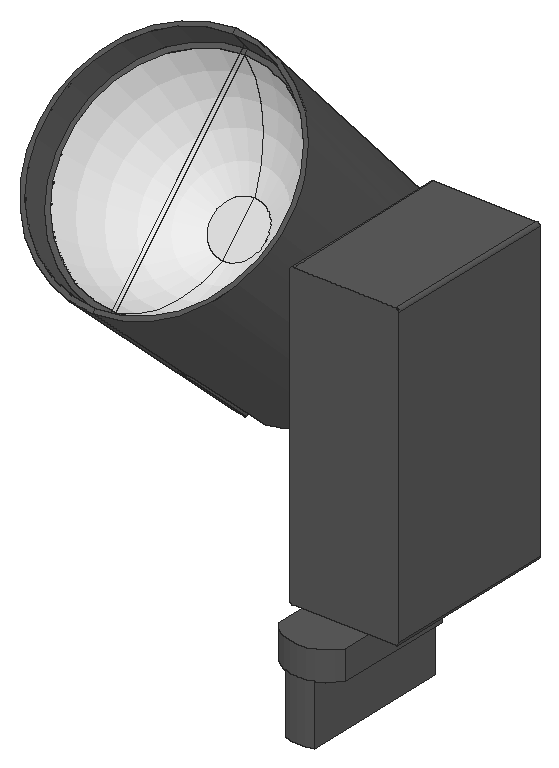
Revit family "0004954 Feilo Sylvania Lighting Fixture START TRACK SPOT L DALI 4824LM 940 WB BLK", category Lighting Fixtures, host Face, Revit 2017
Family settings
  Host = Face
  Round Connector Dimension = Use Diameter
  Part Type = Normal
  OmniClass Number = 23.80.70.00
  OmniClass Title = Lighting
  Cut with Voids When Loaded = No
  Light Source = No
  Shared = No
  Room Calculation Point = No
Parameters (values of type "0004954 START TRACK SPOT L DALI 4824LM 940 WB BLK")
  Weight = "1.398 kg"
  Wattage Comments = ""
  WarrantyStartDate [instance] = "n/a"
  WarrantyGuarantorParts = "n/a"
  WarrantyDurationUnit = "n/a"
  WarrantyDurationParts = "n/a"
  WarrantyDescription = "n/a"
  Voltage = 230 V
  URL = "http://www.sylvania-lighting.com/"
  TypeName = "START TRACK SPOT L DALI 4824LM 940 WB BLK"
  TypeHead_FEILO = Start Track Spot Head : 0004906 START TRACK SPOT L 55W 4K RA90 WB BLACK
  TypeBox_FEILO = Start Track Spot Box : Type Large Black
  Type Image = <None>
  Type Comments = "n/a"
  VerticalRotation_FEILO [instance] = 0.00°
  SlideEndAngle_FEILO [instance] = VerticalRotation_FEILO + 180.00°  # 180.00°
  SerialNumber [instance] = "n/a"
  Material_3_FEILO = none
  PowerFactor = 0.96
  PowerConsumption = "55 W"
  NominalLength = 0 mm
  NominalHeight = 240 mm
  NominalDepth = 164 mm
  Name = "START TRACK SPOT L DALI 4824LM 940 WB BLK"
  ModelReference = Name  # "START TRACK SPOT L DALI 4824LM 940 WB BLK"
  ModelNumber = "0004954"
  Model = Name  # "START TRACK SPOT L DALI 4824LM 940 WB BLK"
  Material = "adc12 aluminium housing, polycarbonate diffuser"
  ManufacturerName = "Feilo Sylvania"
  Manufacturer = "Feilo Sylvania"
  LuminousEfficacy = "88 lm/W"
  LuminaireType = ""
  LightOutputRatio = "100"
  LampsType = Lamp  # "LED"
  LampNominalLuminous = "4824 lm"
  LampMacAdamStep = "3"
  LampColourTemperature = "4000 K"
  LampColourRenderingIndex = "90"
  Lamp = "LED"
  Keynote = "16500"
  InstallationDate [instance] = "n/a"
  InputVoltage = "230-240V~"
  InputNominalFrequency = "50/60 Hz"
  IngressProtection = "IP20"
  ImpactProtectionIndex = "IK02"
  IfcExportType = "IfcLightFixtureType"
  IfcExportAs = "IfcLightFixtureType"
  HorizontalRotation_FEILO [instance] = 45.00°
  ExpectedLife = 50000
  ElectricShockClassification = "Class II"
  DurationUnit = "hours"
  DocumentationLiterature = "http://www.sylvania-lighting.com/product/en-int/products/0004906"
  DimmingControlOptions = "Dimmable"
  Material_2_FEILO = none
  Description = "Integrated LED spotlight, Textured Black - RAL9005, compact and minimalist design, ideal for retail applications, die-cast aluminium body, passive cooling heatsink. Beam angle: 52°, color temperature: 4000K , total system power: 55W, total fixture output: 4824 lm, LOR: 100%, colour rendering: Ra: 90 typical, LED Chromaticity: 3 step MacAdam ellipse, lifetime: >50000 hours at L70B50, energy class: A++, A+, A, IR/UV free light source without heat radiation, operating voltage: 220-240V / 50-60Hz, drive current: 1400mA, electronic driver, non-dimmable, power factor: 0.96, electrical protection: Class II, Global Track 3 Phase adapter suitable for Global trac 3-circuit tracks, ingress protection rating: IP20, suitable for internal environment only, horizontal rotation: 355°, vertical tilt: 90°, dimensions: Ø113x164x240, weight: 1.398kg."
  Default Elevation = 1219.2 mm
  CreatedOn = "04/26/2018"
  CreatedBy = ""
  Cost = 0
  built-in parameter 1114216 [instance] = (empty or 0)
  ClassificationValue = "EF_70_80"
  ClassificationName = "Uniclass2015"
  Material_1_FEILO = Body-Sylvania-StartTrackSpot-Black
  BarCode [instance] = "n/a"
  AssetType = "Fixed"
  AssetIdentifier [instance] = "n/a"
  Assembly Code = "D5020200"
  Apparent Load = 55 VA
  Material_4_FEILO = none
Reference planes
  plane 1 "Center (Front/Back)": y = 0
  plane 2: z = 0
  plane 3 "Center (Left/Right)": x = 0
  plane 4: x = 15
  plane 5: x = -15
  plane 6: y = 35
  plane 7: y = -35
  plane 8: z = 13
  plane 9: z = -27
  plane 10: x = 6.5
  plane 11: x = -6.5
  plane 12: y = 27
  plane 13: y = -27
  plane 14: y = 20
Forms (mm)
  Extrusion 1, solid, material "Body-Sylvania-StartTrackSpot-Black" <- "Material_1_FEILO"
    sketch origin (0, 0, 0) x (1, 0, 0) y (0, 1, 0)
      loop
        line (-15, 27) -> (-15, -27)
        arc (-15, -27) -> (0, -35) -> (15, -27) r 18.062
        line (15, -27) -> (15, 27)
        arc (15, 27) -> (0, 35) -> (-15, 27) r 18.062
    from 0 to 13
  Extrusion 2, solid, material "Body-Sylvania-StartTrackSpot-Black" <- "Material_1_FEILO"
    sketch origin (0, 0, 0) x (1, 0, 0) y (0, 1, 0)
      loop
        arc (6.5, 33.79) -> (0, 35) -> (-6.5, 33.79) r 18.062
        line (-6.5, 33.79) -> (-6.5, -33.79)
        arc (-6.5, -33.79) -> (0, -35) -> (6.5, -33.79) r 18.062
        line (6.5, -33.79) -> (6.5, 33.79)
    from 0 to -27
  Revolve 3, solid, not visible
    sketch origin (1524, 20, 1219.2) x (1, 0, 0) y (0, 0, 1)
      loop
        line (-1524, -1206.2) -> (-1524, -1191.285) -> (-1530.5, -1191.285) -> (-1530.5, -1206.2) -> (-1524, -1206.2)
      axis (-1524, -1191.285) -> (-1524, -1206.2)
    angle from 0 <- "VerticalRotation_FEILO" to 180 <- "SlideEndAngle_FEILO"
Cuts and joins
  joined: Extrusion 1, Extrusion 2
Dimensions and locks
  equal spacing: plane 10, plane 3 "Center (Left/Right)", plane 11
  equal spacing: plane 4, plane 3 "Center (Left/Right)", plane 5
  locked: plane 8 to plane 2 at 13
  locked: plane 8 to plane 9 at 40
  equal spacing: plane 13, plane 1 "Center (Front/Back)", plane 12
  locked: plane 12 to plane 6 at 8
  locked: plane 14 to plane 6 at 15
  locked: Revolve 3 sketch curve to plane 8 at 14.915
  aligned and locked: plane 2 to host face
  aligned and locked: level to host face
  aligned and locked: plane 5 to Extrusion 1 sketch curve  (x2)
  aligned and locked: plane 12 to Extrusion 1 sketch curve
  aligned and locked: plane 13 to Extrusion 1 sketch curve
  aligned and locked: plane 4 to Extrusion 1 sketch curve
  aligned and locked: Extrusion 1 to plane 8
  aligned and locked: Extrusion 1 to level
  aligned and locked: Extrusion 2 sketch curve to Extrusion 1  (x2)
  aligned and locked: Extrusion 2 sketch curve to plane 11
  aligned and locked: plane 10 to Extrusion 2 sketch curve
  aligned and locked: plane 9 to Extrusion 2
  aligned and locked: level to Extrusion 2
  aligned and locked: Revolve 3 sketch curve to plane 3 "Center (Left/Right)"  (x2)
  aligned and locked: plane 11 to Revolve 3 sketch curve
  aligned and locked: Revolve 3 sketch curve to plane 8
Automatic sketch dimensions
  host sketch curve to host sketch curve = 2438.4 mm  (x2)
  Extrusion 1 sketch curve to plane 3 "Center (Left/Right)" = 0 mm  (x2)
  Extrusion 1 sketch curve to plane 13 = 10.062 mm
  plane 12 to Extrusion 1 sketch curve = 10.062 mm
  Revolve 3 sketch curve to plane 3 "Center (Left/Right)" = 0 mm
  plane 9 to Revolve 3 sketch curve = 582.6 mm
  Revolve 3 sketch curve to Revolve 3 sketch curve = 2581.144 mm
Nested families
  nested 1: "Start Track Spot Head" at (-75.5, 20, 133) x (0, 0.7071, 0.7071) z (0, 0.7071, -0.7071), type <- "TypeHead_FEILO", type "0004906 START TRACK SPOT L 55W 4K RA90 WB BLACK"
    with built-in parameter 1114216 (empty or 0)
  nested 2: "Start Track Spot Box" at (8.5, 20, 85) x (-1, 0, 0) z (0, -1, 0), BoxStartAngle_FEILO <- "HorizontalRotation_FEILO", type <- "TypeBox_FEILO", type "Type Large Black"
    with BoxStartAngle_FEILO 45.00°, BoxEndAngle_FEILO -135.00°
Connectors
  electrical at (0, 0, 0), driven by "Apparent Load", driven by "PowerFactor", driven by "Voltage"
    settings: index 1, voltage 230 V, apparent load 55 VA, apparent load phase1 0 VA, apparent load phase2 0 VA, apparent load phase3 0 VA, power factor 0.96, load classification "Lighting", number of poles 1, system type 30, power factor state 1, is connector primary yes, connector utility no, sub classification motor no, connector description ""
Definition of nested family "Start Track Spot Head"
  Parameters (values of type "0004811 START TRACK SPOT S 14W 3K RA80 NB WHITE")
    Wattage Comments = "n/a"
    Wattage = 14 W
    built-in parameter 1150110 = 1 (stored number, unit not read)
    URL = "http://www.feilosylvania.com"
    Type Image = (empty or 0)
    Type Comments = "n/a"
    built-in parameter 1114217 = 1 (stored number, unit not read)
    Tilt Angle = -90.00°
    built-in parameter 1150109 = 1 (stored number, unit not read)
    built-in parameter 1150134 = (empty or 0)
    built-in parameter 1150113 = 1 (stored number, unit not read)
    Photometric Web File = "0004811.ies"
    Material_3_FEILO = none
    Model = "START TRACK SPOT S 14W 3K RA80 NB WHITE"
    Manufacturer = "Feilo Sylvania"
    built-in parameter 1150105 = 123.66 (stored number, unit not read)
    Lumens = 1554 lm
    built-in parameter 1150115 = 1 (stored number, unit not read)
    built-in parameter 1150137 = (empty or 0)
    built-in parameter 1150139 = (empty or 0)
    built-in parameter 1150112 = 1 (stored number, unit not read)
    built-in parameter 1150114 = 1 (stored number, unit not read)
    Lamp = "LED"
    Keynote = "16500"
    Material_2_FEILO = none
    built-in parameter 1150132 = (empty or 0)
    built-in parameter 1150102 = (empty or 0)
    built-in parameter 1150107 = 3000 (stored number, unit not read)
    built-in parameter 1150138 = (empty or 0)
    built-in parameter 1150106 = 1.2366 (stored number, unit not read)
    HeadThickness_FEILO = if(HeadDiaOut_FEILO > 112 mm, 2 mm, 1.5 mm)  # 1.5 mm
    HeadRibOffset_FEILO = HeadHeight_FEILO / 28  # 4.179 mm
    HeadRibDepth_FEILO = HeadHeight_FEILO / 2.1  # 55.714 mm
    HeadRibCutWidth_FEILO = HeadDiaOut_FEILO / 12  # 7.167 mm
    HeadRibCutOffset_FEILO = HeadHeight_FEILO / 2.3  # 50.87 mm
    HeadReflectorRadius_FEILO = HeadDiaOut_FEILO / 1.7  # 50.588 mm
    HeadReflectorOffset_FEILO = HeadHeight_FEILO / 2.1  # 55.714 mm
    HeadLEDRadius_FEILO = HeadDiaOut_FEILO / 9  # 9.556 mm
    HeadHeight_FEILO = 117 mm
    HeadDraft_FEILO = 1 mm
    HeadDiffusorThickness_FEILO = 3 mm
    HeadDiffusorOffset_FEILO = HeadHeight_FEILO / 12.4  # 9.435 mm
    HeadDiaOut_FEILO = 86 mm
    HeadDiaIn_FEILO = HeadDiaOut_FEILO / 1.11  # 77.477 mm
    HeadAxisFromTop_FEILO = HeadHeight_FEILO / 1.687  # 69.354 mm
    Emit from Circle Diameter = HeadDiaIn_FEILO  # 77.477 mm
    Emit Shape Visible in Rendering = no
    built-in parameter 1150104 = 10.312 (stored number, unit not read)
    Dimming Lamp Color Temperature Shift = (empty or 0)
    Description = "Integrated LED spotlight, Textured White - RAL9016, compact and minimalist design, ideal for retail applications, die-cast aluminium body, passive cooling heatsink. Beam angle: 12°, color temperature: 3000K , total system power: 14W, total fixture output: 1551 lm, LOR: 100%, colour rendering: Ra: 80 typical, LED Chromaticity: 3 step MacAdam ellipse, lifetime: >50000 hours at L70B50, energy class: A++, A+, A, IR/UV free light source without heat radiation, operating voltage: 220-240V / 50-60Hz, drive current: 350mA, electronic driver, non-dimmable, power factor: 0.92, electrical protection: Class II, Global Track 3 Phase adapter suitable for Global trac 3-circuit tracks, ingress protection rating: IP20, suitable for internal environment only, horizontal rotation: 355°, vertical tilt: 90°, dimensions: Ø86x140x200, weight: 0.940kg."
    Default Elevation = 1219.2 mm
    Cost = 0
    Color Filter = 16777215
    built-in parameter 1114216 [instance] = (empty or 0)
    Material_1_FEILO = none
    built-in parameter 1114218 = 1 (stored number, unit not read)
    built-in parameter 1150133 = 10 (stored number, unit not read)
    Assembly Code = "D5020200"
    Apparent Load = 14 VA
    Material_4_FEILO = none
  Types (96, lengths in mm): name | Wattage | built-in parameter 1150134 | Photometric Web File | Model | built-in parameter 1150105 | Lumens | built-in parameter 1150107 | built-in parameter 1150106 | HeadThickness_FEILO | HeadRibOffset_FEILO | HeadRibDepth_FEILO | HeadRibCutWidth_FEILO | HeadRibCutOffset_FEILO | HeadReflectorRadius_FEILO | HeadReflectorOffset_FEILO | HeadLEDRadius_FEILO | HeadHeight_FEILO | HeadDiffusorOffset_FEILO | HeadDiaOut_FEILO | HeadDiaIn_FEILO | HeadAxisFromTop_FEILO | Emit from Circle Diameter | built-in parameter 1150104 | Description | Apparent Load
    0004906 START TRACK SPOT L 55W 4K RA90 WB BLACK | 55 W | 12 | "0004906.ies" | "START TRACK SPOT L 55W 4K RA90 WB BLACK" | 385.15 (stored number, unit not read) | 4840 lm | 4000 (stored number, unit not read) | 3.8515 (stored number, unit not read) | 2 | 4.429 | 59.048 | 9.417 | 53.913 | 66.471 | 59.048 | 12.556 | 124 | 10 | 113 | 101.802 | 73.503 | 101.802 | 8.1755 (stored number, unit not read) | "Integrated LED spotlight, Textured Black - RAL9005, compact and minimalist design, ideal for retail applications, die-cast aluminium body, passive cooling heatsink. Beam angle: 52°, color temperature: 4000K , total system power: 55W, total fixture output: 4824 lm, LOR: 100%, colour rendering: Ra: 90 typical, LED Chromaticity: 3 step MacAdam ellipse, lifetime: >50000 hours at L70B50, energy class: A++, A+, A, IR/UV free light source without heat radiation, operating voltage: 220-240V / 50-60Hz, drive current: 1400mA, electronic driver, non-dimmable, power factor: 0.96, electrical protection: Class II, Global Track 3 Phase adapter suitable for Global trac 3-circuit tracks, ingress protection rating: IP20, suitable for internal environment only, horizontal rotation: 355°, vertical tilt: 90°, dimensions: Ø113x164x240, weight: 1.398kg." | 55 VA
    0004905 START TRACK SPOT L 55W 4K RA90 MB BLACK | 55 W | 12 | "0004905.ies" | "START TRACK SPOT L 55W 4K RA90 MB BLACK" | 389.53 (stored number, unit not read) | 4895 lm | 4000 (stored number, unit not read) | 3.8953 (stored number, unit not read) | 2 | 4.429 | 59.048 | 9.417 | 53.913 | 66.471 | 59.048 | 12.556 | 124 | 10 | 113 | 101.802 | 73.503 | 101.802 | 8.2684 (stored number, unit not read) | "Integrated LED spotlight, Textured Black - RAL9005, compact and minimalist design, ideal for retail applications, die-cast aluminium body, passive cooling heatsink. Beam angle: 38°, color temperature: 4000K , total system power: 55W, total fixture output: 4897 lm, LOR: 100%, colour rendering: Ra: 90 typical, LED Chromaticity: 3 step MacAdam ellipse, lifetime: >50000 hours at L70B50, energy class: A++, A+, A, IR/UV free light source without heat radiation, operating voltage: 220-240V / 50-60Hz, drive current: 1400mA, electronic driver, non-dimmable, power factor: 0.96, electrical protection: Class II, Global Track 3 Phase adapter suitable for Global trac 3-circuit tracks, ingress protection rating: IP20, suitable for internal environment only, horizontal rotation: 355°, vertical tilt: 90°, dimensions: Ø113x164x240, weight: 1.398kg." | 55 VA
    0004904 START TRACK SPOT L 55W 4K RA90 NB BLACK | 55 W | 12 | "0004904.ies" | "START TRACK SPOT L 55W 4K RA90 NB BLACK" | 393.91 (stored number, unit not read) | 4950 lm | 4000 (stored number, unit not read) | 3.9391 (stored number, unit not read) | 2 | 4.429 | 59.048 | 9.417 | 53.913 | 66.471 | 59.048 | 12.556 | 124 | 10 | 113 | 101.802 | 73.503 | 101.802 | 8.3613 (stored number, unit not read) | "Integrated LED spotlight, Textured Black - RAL9005, compact and minimalist design, ideal for retail applications, die-cast aluminium body, passive cooling heatsink. Beam angle: 15°, color temperature: 4000K , total system power: 55W, total fixture output: 4965 lm, LOR: 100%, colour rendering: Ra: 90 typical, LED Chromaticity: 3 step MacAdam ellipse, lifetime: >50000 hours at L70B50, energy class: A++, A+, A, IR/UV free light source without heat radiation, operating voltage: 220-240V / 50-60Hz, drive current: 1400mA, electronic driver, non-dimmable, power factor: 0.96, electrical protection: Class II, Global Track 3 Phase adapter suitable for Global trac 3-circuit tracks, ingress protection rating: IP20, suitable for internal environment only, horizontal rotation: 355°, vertical tilt: 90°, dimensions: Ø113x164x240, weight: 1.398kg." | 55 VA
    0004903 START TRACK SPOT L 35W 4K RA90 WB BLACK | 35 W | 12 | "0004903.ies" | "START TRACK SPOT L 35W 4K RA90 WB BLACK" | 284.09 (stored number, unit not read) | 3570 lm | 4000 (stored number, unit not read) | 2.8409 (stored number, unit not read) | 2 | 4.429 | 59.048 | 9.417 | 53.913 | 66.471 | 59.048 | 12.556 | 124 | 10 | 113 | 101.802 | 73.503 | 101.802 | 9.4761 (stored number, unit not read) | "Integrated LED spotlight, Textured Black - RAL9005, compact and minimalist design, ideal for retail applications, die-cast aluminium body, passive cooling heatsink. Beam angle: 52°, color temperature: 4000K , total system power: 35W, total fixture output: 3562 lm, LOR: 100%, colour rendering: Ra: 90 typical, LED Chromaticity: 3 step MacAdam ellipse, lifetime: >50000 hours at L70B50, energy class: A++, A+, A, IR/UV free light source without heat radiation, operating voltage: 220-240V / 50-60Hz, drive current: 900mA, electronic driver, non-dimmable, power factor: 0.93, electrical protection: Class II, Global Track 3 Phase adapter suitable for Global trac 3-circuit tracks, ingress protection rating: IP20, suitable for internal environment only, horizontal rotation: 355°, vertical tilt: 90°, dimensions: Ø113x164x240, weight: 1.368kg." | 35 VA
    0004902 START TRACK SPOT L 35W 4K RA90 MB BLACK | 35 W | 12 | "0004902.ies" | "START TRACK SPOT L 35W 4K RA90 MB BLACK" | 286.88 (stored number, unit not read) | 3605 lm | 4000 (stored number, unit not read) | 2.8688 (stored number, unit not read) | 2 | 4.429 | 59.048 | 9.417 | 53.913 | 66.471 | 59.048 | 12.556 | 124 | 10 | 113 | 101.802 | 73.503 | 101.802 | 9.569 (stored number, unit not read) | "Integrated LED spotlight, Textured Black - RAL9005, compact and minimalist design, ideal for retail applications, die-cast aluminium body, passive cooling heatsink. Beam angle: 38°, color temperature: 4000K , total system power: 35W, total fixture output: 3616 lm, LOR: 100%, colour rendering: Ra: 90 typical, LED Chromaticity: 3 step MacAdam ellipse, lifetime: >50000 hours at L70B50, energy class: A++, A+, A, IR/UV free light source without heat radiation, operating voltage: 220-240V / 50-60Hz, drive current: 900mA, electronic driver, non-dimmable, power factor: 0.93, electrical protection: Class II, Global Track 3 Phase adapter suitable for Global trac 3-circuit tracks, ingress protection rating: IP20, suitable for internal environment only, horizontal rotation: 355°, vertical tilt: 90°, dimensions: Ø113x164x240, weight: 1.368kg." | 35 VA
    0004901 START TRACK SPOT L 35W 4K RA90 NB BLACK | 35 W | 12 | "0004901.ies" | "START TRACK SPOT L 35W 4K RA90 NB BLACK" | 286.88 (stored number, unit not read) | 3605 lm | 4000 (stored number, unit not read) | 2.8688 (stored number, unit not read) | 2 | 4.429 | 59.048 | 9.417 | 53.913 | 66.471 | 59.048 | 12.556 | 124 | 10 | 113 | 101.802 | 73.503 | 101.802 | 9.569 (stored number, unit not read) | "Integrated LED spotlight, Textured Black - RAL9005, compact and minimalist design, ideal for retail applications, die-cast aluminium body, passive cooling heatsink. Beam angle: 15°, color temperature: 4000K , total system power: 35W, total fixture output: 3593 lm, LOR: 100%, colour rendering: Ra: 90 typical, LED Chromaticity: 3 step MacAdam ellipse, lifetime: >50000 hours at L70B50, energy class: A++, A+, A, IR/UV free light source without heat radiation, operating voltage: 220-240V / 50-60Hz, drive current: 900mA, electronic driver, non-dimmable, power factor: 0.93, electrical protection: Class II, Global Track 3 Phase adapter suitable for Global trac 3-circuit tracks, ingress protection rating: IP20, suitable for internal environment only, horizontal rotation: 355°, vertical tilt: 90°, dimensions: Ø113x164x240, weight: 1.368kg." | 35 VA
    0004900 START TRACK SPOT S 24W 4K RA90 WB BLACK | 24 W | 12 | "0004900.ies" | "START TRACK SPOT S 24W 4K RA90 WB BLACK" | 166.16 (stored number, unit not read) | 2088 lm | 4000 (stored number, unit not read) | 1.6616 (stored number, unit not read) | 1.5 | 4.179 | 55.714 | 7.167 | 50.87 | 50.588 | 55.714 | 9.556 | 117 | 9.435 | 86 | 77.477 | 69.354 | 77.477 | 8.0826 (stored number, unit not read) | "Integrated LED spotlight, Textured Black - RAL9005, compact and minimalist design, ideal for retail applications, die-cast aluminium body, passive cooling heatsink. Beam angle: 64°, color temperature: 4000K , total system power: 24W, total fixture output: 2087 lm, LOR: 100%, colour rendering: Ra: 90 typical, LED Chromaticity: 3 step MacAdam ellipse, lifetime: >50000 hours at L70B50, energy class: A++, A+, A, IR/UV free light source without heat radiation, operating voltage: 220-240V / 50-60Hz, drive current: 600mA, electronic driver, non-dimmable, power factor: 0.95, electrical protection: Class II, Global Track 3 Phase adapter suitable for Global trac 3-circuit tracks, ingress protection rating: IP20, suitable for internal environment only, horizontal rotation: 355°, vertical tilt: 90°, dimensions: Ø86x140x200, weight: 0.966kg." | 24 VA
    0004899 START TRACK SPOT S 24W 4K RA90 MB BLACK | 24 W | 12 | "0004899.ies" | "START TRACK SPOT S 24W 4K RA90 MB BLACK" | 169.98 (stored number, unit not read) | 2136 lm | 4000 (stored number, unit not read) | 1.6998 (stored number, unit not read) | 1.5 | 4.179 | 55.714 | 7.167 | 50.87 | 50.588 | 55.714 | 9.556 | 117 | 9.435 | 86 | 77.477 | 69.354 | 77.477 | 8.2684 (stored number, unit not read) | "Integrated LED spotlight, Textured Black - RAL9005, compact and minimalist design, ideal for retail applications, die-cast aluminium body, passive cooling heatsink. Beam angle: 36°, color temperature: 4000K , total system power: 24W, total fixture output: 2141 lm, LOR: 100%, colour rendering: Ra: 90 typical, LED Chromaticity: 3 step MacAdam ellipse, lifetime: >50000 hours at L70B50, energy class: A++, A+, A, IR/UV free light source without heat radiation, operating voltage: 220-240V / 50-60Hz, drive current: 600mA, electronic driver, non-dimmable, power factor: 0.95, electrical protection: Class II, Global Track 3 Phase adapter suitable for Global trac 3-circuit tracks, ingress protection rating: IP20, suitable for internal environment only, horizontal rotation: 355°, vertical tilt: 90°, dimensions: Ø86x140x200, weight: 0.966kg." | 24 VA
    0004898 START TRACK SPOT S 24W 4K RA90 NB BLACK | 24 W | 12 | "0004898.ies" | "START TRACK SPOT S 24W 4K RA90 NB BLACK" | 171.89 (stored number, unit not read) | 2160 lm | 4000 (stored number, unit not read) | 1.7189 (stored number, unit not read) | 1.5 | 4.179 | 55.714 | 7.167 | 50.87 | 50.588 | 55.714 | 9.556 | 117 | 9.435 | 86 | 77.477 | 69.354 | 77.477 | 8.3613 (stored number, unit not read) | "Integrated LED spotlight, Textured Black - RAL9005, compact and minimalist design, ideal for retail applications, die-cast aluminium body, passive cooling heatsink. Beam angle: 12°, color temperature: 4000K , total system power: 24W, total fixture output: 2155 lm, LOR: 100%, colour rendering: Ra: 90 typical, LED Chromaticity: 3 step MacAdam ellipse, lifetime: >50000 hours at L70B50, energy class: A++, A+, A, IR/UV free light source without heat radiation, operating voltage: 220-240V / 50-60Hz, drive current: 600mA, electronic driver, non-dimmable, power factor: 0.95, electrical protection: Class II, Global Track 3 Phase adapter suitable for Global trac 3-circuit tracks, ingress protection rating: IP20, suitable for internal environment only, horizontal rotation: 355°, vertical tilt: 90°, dimensions: Ø86x140x200, weight: 0.966kg." | 24 VA
    0004897 START TRACK SPOT S 14W 4K RA90 WB BLACK | 14 W | 12 | "0004897.ies" | "START TRACK SPOT S 14W 4K RA90 WB BLACK" | 108.07 (stored number, unit not read) | 1358 lm | 4000 (stored number, unit not read) | 1.0807 (stored number, unit not read) | 1.5 | 4.179 | 55.714 | 7.167 | 50.87 | 50.588 | 55.714 | 9.556 | 117 | 9.435 | 86 | 77.477 | 69.354 | 77.477 | 9.0116 (stored number, unit not read) | "Integrated LED spotlight, Textured Black - RAL9005, compact and minimalist design, ideal for retail applications, die-cast aluminium body, passive cooling heatsink. Beam angle: 64°, color temperature: 4000K , total system power: 14W, total fixture output: 1352 lm, LOR: 100%, colour rendering: Ra: 90 typical, LED Chromaticity: 3 step MacAdam ellipse, lifetime: >50000 hours at L70B50, energy class: A++, A+, A, IR/UV free light source without heat radiation, operating voltage: 220-240V / 50-60Hz, drive current: 350mA, electronic driver, non-dimmable, power factor: 0.92, electrical protection: Class II, Global Track 3 Phase adapter suitable for Global trac 3-circuit tracks, ingress protection rating: IP20, suitable for internal environment only, horizontal rotation: 355°, vertical tilt: 90°, dimensions: Ø86x140x200, weight: 0.940kg." | 14 VA
    0004896 START TRACK SPOT S 14W 4K RA90 MB BLACK | 14 W | 12 | "0004896.ies" | "START TRACK SPOT S 14W 4K RA90 MB BLACK" | 108.07 (stored number, unit not read) | 1358 lm | 4000 (stored number, unit not read) | 1.0807 (stored number, unit not read) | 1.5 | 4.179 | 55.714 | 7.167 | 50.87 | 50.588 | 55.714 | 9.556 | 117 | 9.435 | 86 | 77.477 | 69.354 | 77.477 | 9.0116 (stored number, unit not read) | "Integrated LED spotlight, Textured Black - RAL9005, compact and minimalist design, ideal for retail applications, die-cast aluminium body, passive cooling heatsink. Beam angle: 36°, color temperature: 4000K , total system power: 14W, total fixture output: 1359 lm, LOR: 100%, colour rendering: Ra: 90 typical, LED Chromaticity: 3 step MacAdam ellipse, lifetime: >50000 hours at L70B50, energy class: A++, A+, A, IR/UV free light source without heat radiation, operating voltage: 220-240V / 50-60Hz, drive current: 350mA, electronic driver, non-dimmable, power factor: 0.92, electrical protection: Class II, Global Track 3 Phase adapter suitable for Global trac 3-circuit tracks, ingress protection rating: IP20, suitable for internal environment only, horizontal rotation: 355°, vertical tilt: 90°, dimensions: Ø86x140x200, weight: 0.940kg." | 14 VA
    0004895 START TRACK SPOT S 14W 4K RA90 NB BLACK | 14 W | 12 | "0004895.ies" | "START TRACK SPOT S 14W 4K RA90 NB BLACK" | 106.95 (stored number, unit not read) | 1344 lm | 4000 (stored number, unit not read) | 1.0695 (stored number, unit not read) | 1.5 | 4.179 | 55.714 | 7.167 | 50.87 | 50.588 | 55.714 | 9.556 | 117 | 9.435 | 86 | 77.477 | 69.354 | 77.477 | 8.9187 (stored number, unit not read) | "Integrated LED spotlight, Textured Black - RAL9005, compact and minimalist design, ideal for retail applications, die-cast aluminium body, passive cooling heatsink. Beam angle: 12°, color temperature: 4000K , total system power: 14W, total fixture output: 1349 lm, LOR: 100%, colour rendering: Ra: 90 typical, LED Chromaticity: 3 step MacAdam ellipse, lifetime: >50000 hours at L70B50, energy class: A++, A+, A, IR/UV free light source without heat radiation, operating voltage: 220-240V / 50-60Hz, drive current: 350mA, electronic driver, non-dimmable, power factor: 0.92, electrical protection: Class II, Global Track 3 Phase adapter suitable for Global trac 3-circuit tracks, ingress protection rating: IP20, suitable for internal environment only, horizontal rotation: 355°, vertical tilt: 90°, dimensions: Ø86x140x200, weight: 0.940kg." | 14 VA
    0004894 START TRACK SPOT L 55W 3K RA90 WB BLACK | 55 W | (empty or 0) | "0004894.ies" | "START TRACK SPOT L 55W 3K RA90 WB BLACK" | 350.14 (stored number, unit not read) | 4400 lm | 3000 (stored number, unit not read) | 3.5014 (stored number, unit not read) | 2 | 4.429 | 59.048 | 9.417 | 53.913 | 66.471 | 59.048 | 12.556 | 124 | 10 | 113 | 101.802 | 73.503 | 101.802 | 7.4322 (stored number, unit not read) | "Integrated LED spotlight, Textured Black - RAL9005, compact and minimalist design, ideal for retail applications, die-cast aluminium body, passive cooling heatsink. Beam angle: 52°, color temperature: 3000K , total system power: 55W, total fixture output: 4405 lm, LOR: 100%, colour rendering: Ra: 90 typical, LED Chromaticity: 3 step MacAdam ellipse, lifetime: >50000 hours at L70B50, energy class: A++, A+, A, IR/UV free light source without heat radiation, operating voltage: 220-240V / 50-60Hz, drive current: 1400mA, electronic driver, non-dimmable, power factor: 0.96, electrical protection: Class II, Global Track 3 Phase adapter suitable for Global trac 3-circuit tracks, ingress protection rating: IP20, suitable for internal environment only, horizontal rotation: 355°, vertical tilt: 90°, dimensions: Ø113x164x240, weight: 1.398kg." | 55 VA
    0004893 START TRACK SPOT L 55W 3K RA90 MB BLACK | 55 W | (empty or 0) | "0004893.ies" | "START TRACK SPOT L 55W 3K RA90 MB BLACK" | 354.52 (stored number, unit not read) | 4455 lm | 3000 (stored number, unit not read) | 3.5452 (stored number, unit not read) | 2 | 4.429 | 59.048 | 9.417 | 53.913 | 66.471 | 59.048 | 12.556 | 124 | 10 | 113 | 101.802 | 73.503 | 101.802 | 7.5251 (stored number, unit not read) | "Integrated LED spotlight, Textured Black - RAL9005, compact and minimalist design, ideal for retail applications, die-cast aluminium body, passive cooling heatsink. Beam angle: 38°, color temperature: 3000K , total system power: 55W, total fixture output: 4448 lm, LOR: 100%, colour rendering: Ra: 90 typical, LED Chromaticity: 3 step MacAdam ellipse, lifetime: >50000 hours at L70B50, energy class: A++, A+, A, IR/UV free light source without heat radiation, operating voltage: 220-240V / 50-60Hz, drive current: 1400mA, electronic driver, non-dimmable, power factor: 0.96, electrical protection: Class II, Global Track 3 Phase adapter suitable for Global trac 3-circuit tracks, ingress protection rating: IP20, suitable for internal environment only, horizontal rotation: 355°, vertical tilt: 90°, dimensions: Ø113x164x240, weight: 1.398kg." | 55 VA
    0004892 START TRACK SPOT L 55W 3K RA90 NB BLACK | 55 W | (empty or 0) | "0004892.ies" | "START TRACK SPOT L 55W 3K RA90 NB BLACK" | 350.14 (stored number, unit not read) | 4400 lm | 3000 (stored number, unit not read) | 3.5014 (stored number, unit not read) | 2 | 4.429 | 59.048 | 9.417 | 53.913 | 66.471 | 59.048 | 12.556 | 124 | 10 | 113 | 101.802 | 73.503 | 101.802 | 7.4322 (stored number, unit not read) | "Integrated LED spotlight, Textured Black - RAL9005, compact and minimalist design, ideal for retail applications, die-cast aluminium body, passive cooling heatsink. Beam angle: 15°, color temperature: 3000K , total system power: 55W, total fixture output: 4416 lm, LOR: 100%, colour rendering: Ra: 90 typical, LED Chromaticity: 3 step MacAdam ellipse, lifetime: >50000 hours at L70B50, energy class: A++, A+, A, IR/UV free light source without heat radiation, operating voltage: 220-240V / 50-60Hz, drive current: 1400mA, electronic driver, non-dimmable, power factor: 0.96, electrical protection: Class II, Global Track 3 Phase adapter suitable for Global trac 3-circuit tracks, ingress protection rating: IP20, suitable for internal environment only, horizontal rotation: 355°, vertical tilt: 90°, dimensions: Ø113x164x240, weight: 1.398kg." | 55 VA
    0004891 START TRACK SPOT L 35W 3K RA90 WB BLACK | 35 W | (empty or 0) | "0004891.ies" | "START TRACK SPOT L 35W 3K RA90 WB BLACK" | 259.02 (stored number, unit not read) | 3255 lm | 3000 (stored number, unit not read) | 2.5902 (stored number, unit not read) | 2 | 4.429 | 59.048 | 9.417 | 53.913 | 66.471 | 59.048 | 12.556 | 124 | 10 | 113 | 101.802 | 73.503 | 101.802 | 8.64 (stored number, unit not read) | "Integrated LED spotlight, Textured Black - RAL9005, compact and minimalist design, ideal for retail applications, die-cast aluminium body, passive cooling heatsink. Beam angle: 52°, color temperature: 3000K , total system power: 35W, total fixture output: 3260 lm, LOR: 100%, colour rendering: Ra: 90 typical, LED Chromaticity: 3 step MacAdam ellipse, lifetime: >50000 hours at L70B50, energy class: A++, A+, A, IR/UV free light source without heat radiation, operating voltage: 220-240V / 50-60Hz, drive current: 900mA, electronic driver, non-dimmable, power factor: 0.93, electrical protection: Class II, Global Track 3 Phase adapter suitable for Global trac 3-circuit tracks, ingress protection rating: IP20, suitable for internal environment only, horizontal rotation: 355°, vertical tilt: 90°, dimensions: Ø113x164x240, weight: 1.368kg." | 35 VA
    0004890 START TRACK SPOT L 35W 3K RA90 MB BLACK | 35 W | (empty or 0) | "0004890.ies" | "START TRACK SPOT L 35W 3K RA90 MB BLACK" | 261.81 (stored number, unit not read) | 3290 lm | 3000 (stored number, unit not read) | 2.6181 (stored number, unit not read) | 2 | 4.429 | 59.048 | 9.417 | 53.913 | 66.471 | 59.048 | 12.556 | 124 | 10 | 113 | 101.802 | 73.503 | 101.802 | 8.7329 (stored number, unit not read) | "Integrated LED spotlight, Textured Black - RAL9005, compact and minimalist design, ideal for retail applications, die-cast aluminium body, passive cooling heatsink. Beam angle: 38°, color temperature: 3000K , total system power: 35W, total fixture output: 3306 lm, LOR: 100%, colour rendering: Ra: 90 typical, LED Chromaticity: 3 step MacAdam ellipse, lifetime: >50000 hours at L70B50, energy class: A++, A+, A, IR/UV free light source without heat radiation, operating voltage: 220-240V / 50-60Hz, drive current: 900mA, electronic driver, non-dimmable, power factor: 0.93, electrical protection: Class II, Global Track 3 Phase adapter suitable for Global trac 3-circuit tracks, ingress protection rating: IP20, suitable for internal environment only, horizontal rotation: 355°, vertical tilt: 90°, dimensions: Ø113x164x240, weight: 1.368kg." | 35 VA
    0004889 START TRACK SPOT L 35W 3K RA90 NB BLACK | 35 W | (empty or 0) | "0004889.ies" | "START TRACK SPOT L 35W 3K RA90 NB BLACK" | 261.81 (stored number, unit not read) | 3290 lm | 3000 (stored number, unit not read) | 2.6181 (stored number, unit not read) | 2 | 4.429 | 59.048 | 9.417 | 53.913 | 66.471 | 59.048 | 12.556 | 124 | 10 | 113 | 101.802 | 73.503 | 101.802 | 8.7329 (stored number, unit not read) | "Integrated LED spotlight, Textured Black - RAL9005, compact and minimalist design, ideal for retail applications, die-cast aluminium body, passive cooling heatsink. Beam angle: 15°, color temperature: 3000K , total system power: 35W, total fixture output: 3287 lm, LOR: 100%, colour rendering: Ra: 90 typical, LED Chromaticity: 3 step MacAdam ellipse, lifetime: >50000 hours at L70B50, energy class: A++, A+, A, IR/UV free light source without heat radiation, operating voltage: 220-240V / 50-60Hz, drive current: 900mA, electronic driver, non-dimmable, power factor: 0.93, electrical protection: Class II, Global Track 3 Phase adapter suitable for Global trac 3-circuit tracks, ingress protection rating: IP20, suitable for internal environment only, horizontal rotation: 355°, vertical tilt: 90°, dimensions: Ø113x164x240, weight: 1.368kg." | 35 VA
    0004888 START TRACK SPOT S 24W 3K RA90 WB BLACK | 24 W | (empty or 0) | "0004888.ies" | "START TRACK SPOT S 24W 3K RA90 WB BLACK" | 152.79 (stored number, unit not read) | 1920 lm | 3000 (stored number, unit not read) | 1.5279 (stored number, unit not read) | 1.5 | 4.179 | 55.714 | 7.167 | 50.87 | 50.588 | 55.714 | 9.556 | 117 | 9.435 | 86 | 77.477 | 69.354 | 77.477 | 7.4322 (stored number, unit not read) | "Integrated LED spotlight, Textured Black - RAL9005, compact and minimalist design, ideal for retail applications, die-cast aluminium body, passive cooling heatsink. Beam angle: 64°, color temperature: 3000K , total system power: 24W, total fixture output: 1928 lm, LOR: 100%, colour rendering: Ra: 90 typical, LED Chromaticity: 3 step MacAdam ellipse, lifetime: >50000 hours at L70B50, energy class: A++, A+, A, IR/UV free light source without heat radiation, operating voltage: 220-240V / 50-60Hz, drive current: 600mA, electronic driver, non-dimmable, power factor: 0.95, electrical protection: Class II, Global Track 3 Phase adapter suitable for Global trac 3-circuit tracks, ingress protection rating: IP20, suitable for internal environment only, horizontal rotation: 355°, vertical tilt: 90°, dimensions: Ø86x140x200, weight: 0.966kg." | 24 VA
    0004887 START TRACK SPOT S 24W 3K RA90 MB BLACK | 24 W | (empty or 0) | "0004887.ies" | "START TRACK SPOT S 24W 3K RA90 MB BLACK" | 154.7 (stored number, unit not read) | 1944 lm | 3000 (stored number, unit not read) | 1.547 (stored number, unit not read) | 1.5 | 4.179 | 55.714 | 7.167 | 50.87 | 50.588 | 55.714 | 9.556 | 117 | 9.435 | 86 | 77.477 | 69.354 | 77.477 | 7.5251 (stored number, unit not read) | "Integrated LED spotlight, Textured Black - RAL9005, compact and minimalist design, ideal for retail applications, die-cast aluminium body, passive cooling heatsink. Beam angle: 36°, color temperature: 3000K , total system power: 24W, total fixture output: 1944 lm, LOR: 100%, colour rendering: Ra: 90 typical, LED Chromaticity: 3 step MacAdam ellipse, lifetime: >50000 hours at L70B50, energy class: A++, A+, A, IR/UV free light source without heat radiation, operating voltage: 220-240V / 50-60Hz, drive current: 600mA, electronic driver, non-dimmable, power factor: 0.95, electrical protection: Class II, Global Track 3 Phase adapter suitable for Global trac 3-circuit tracks, ingress protection rating: IP20, suitable for internal environment only, horizontal rotation: 355°, vertical tilt: 90°, dimensions: Ø86x140x200, weight: 0.966kg." | 24 VA
    0004886 START TRACK SPOT S 24W 3K RA90 NB BLACK | 24 W | (empty or 0) | "0004886.ies" | "START TRACK SPOT S 24W 3K RA90 NB BLACK" | 158.52 (stored number, unit not read) | 1992 lm | 3000 (stored number, unit not read) | 1.5852 (stored number, unit not read) | 1.5 | 4.179 | 55.714 | 7.167 | 50.87 | 50.588 | 55.714 | 9.556 | 117 | 9.435 | 86 | 77.477 | 69.354 | 77.477 | 7.711 (stored number, unit not read) | "Integrated LED spotlight, Textured Black - RAL9005, compact and minimalist design, ideal for retail applications, die-cast aluminium body, passive cooling heatsink. Beam angle: 12°, color temperature: 3000K , total system power: 24W, total fixture output: 1987 lm, LOR: 100%, colour rendering: Ra: 90 typical, LED Chromaticity: 3 step MacAdam ellipse, lifetime: >50000 hours at L70B50, energy class: A++, A+, A, IR/UV free light source without heat radiation, operating voltage: 220-240V / 50-60Hz, drive current: 600mA, electronic driver, non-dimmable, power factor: 0.95, electrical protection: Class II, Global Track 3 Phase adapter suitable for Global trac 3-circuit tracks, ingress protection rating: IP20, suitable for internal environment only, horizontal rotation: 355°, vertical tilt: 90°, dimensions: Ø86x140x200, weight: 0.966kg." | 24 VA
    0004885 START TRACK SPOT S 14W 3K RA90 WB BLACK | 14 W | (empty or 0) | "0004885.ies" | "START TRACK SPOT S 14W 3K RA90 WB BLACK" | 100.27 (stored number, unit not read) | 1260 lm | 3000 (stored number, unit not read) | 1.0027 (stored number, unit not read) | 1.5 | 4.179 | 55.714 | 7.167 | 50.87 | 50.588 | 55.714 | 9.556 | 117 | 9.435 | 86 | 77.477 | 69.354 | 77.477 | 8.3613 (stored number, unit not read) | "Integrated LED spotlight, Textured Black - RAL9005, compact and minimalist design, ideal for retail applications, die-cast aluminium body, passive cooling heatsink. Beam angle: 64°, color temperature: 3000K , total system power: 14W, total fixture output: 1262 lm, LOR: 100%, colour rendering: Ra: 90 typical, LED Chromaticity: 3 step MacAdam ellipse, lifetime: >50000 hours at L70B50, energy class: A++, A+, A, IR/UV free light source without heat radiation, operating voltage: 220-240V / 50-60Hz, drive current: 350mA, electronic driver, non-dimmable, power factor: 0.92, electrical protection: Class II, Global Track 3 Phase adapter suitable for Global trac 3-circuit tracks, ingress protection rating: IP20, suitable for internal environment only, horizontal rotation: 355°, vertical tilt: 90°, dimensions: Ø86x140x200, weight: 0.940kg." | 14 VA
    0004884 START TRACK SPOT S 14W 3K RA90 MB BLACK | 14 W | (empty or 0) | "0004884.ies" | "START TRACK SPOT S 14W 3K RA90 MB BLACK" | 100.27 (stored number, unit not read) | 1260 lm | 3000 (stored number, unit not read) | 1.0027 (stored number, unit not read) | 1.5 | 4.179 | 55.714 | 7.167 | 50.87 | 50.588 | 55.714 | 9.556 | 117 | 9.435 | 86 | 77.477 | 69.354 | 77.477 | 8.3613 (stored number, unit not read) | "Integrated LED spotlight, Textured Black - RAL9005, compact and minimalist design, ideal for retail applications, die-cast aluminium body, passive cooling heatsink. Beam angle: 36°, color temperature: 3000K , total system power: 14W, total fixture output: 1262 lm, LOR: 100%, colour rendering: Ra: 90 typical, LED Chromaticity: 3 step MacAdam ellipse, lifetime: >50000 hours at L70B50, energy class: A++, A+, A, IR/UV free light source without heat radiation, operating voltage: 220-240V / 50-60Hz, drive current: 350mA, electronic driver, non-dimmable, power factor: 0.92, electrical protection: Class II, Global Track 3 Phase adapter suitable for Global trac 3-circuit tracks, ingress protection rating: IP20, suitable for internal environment only, horizontal rotation: 355°, vertical tilt: 90°, dimensions: Ø86x140x200, weight: 0.940kg." | 14 VA
    0004883 START TRACK SPOT S 14W 3K RA90 NB BLACK | 14 W | (empty or 0) | "0004883.ies" | "START TRACK SPOT S 14W 3K RA90 NB BLACK" | 102.5 (stored number, unit not read) | 1288 lm | 3000 (stored number, unit not read) | 1.025 (stored number, unit not read) | 1.5 | 4.179 | 55.714 | 7.167 | 50.87 | 50.588 | 55.714 | 9.556 | 117 | 9.435 | 86 | 77.477 | 69.354 | 77.477 | 8.5471 (stored number, unit not read) | "Integrated LED spotlight, Textured Black - RAL9005, compact and minimalist design, ideal for retail applications, die-cast aluminium body, passive cooling heatsink. Beam angle: 12°, color temperature: 3000K , total system power: 14W, total fixture output: 1284 lm, LOR: 100%, colour rendering: Ra: 90 typical, LED Chromaticity: 3 step MacAdam ellipse, lifetime: >50000 hours at L70B50, energy class: A++, A+, A, IR/UV free light source without heat radiation, operating voltage: 220-240V / 50-60Hz, drive current: 350mA, electronic driver, non-dimmable, power factor: 0.92, electrical protection: Class II, Global Track 3 Phase adapter suitable for Global trac 3-circuit tracks, ingress protection rating: IP20, suitable for internal environment only, horizontal rotation: 355°, vertical tilt: 90°, dimensions: Ø86x140x200, weight: 0.940kg." | 14 VA
    0004882 START TRACK SPOT L 55W 4K RA90 WB WHITE | 55 W | 12 | "0004882.ies" | "START TRACK SPOT L 55W 4K RA90 WB WHITE" | 385.15 (stored number, unit not read) | 4840 lm | 4000 (stored number, unit not read) | 3.8515 (stored number, unit not read) | 2 | 4.429 | 59.048 | 9.417 | 53.913 | 66.471 | 59.048 | 12.556 | 124 | 10 | 113 | 101.802 | 73.503 | 101.802 | 8.1755 (stored number, unit not read) | "Integrated LED spotlight, Textured White - RAL9016, compact and minimalist design, ideal for retail applications, die-cast aluminium body, passive cooling heatsink. Beam angle: 52°, color temperature: 4000K , total system power: 55W, total fixture output: 4824 lm, LOR: 100%, colour rendering: Ra: 90 typical, LED Chromaticity: 3 step MacAdam ellipse, lifetime: >50000 hours at L70B50, energy class: A++, A+, A, IR/UV free light source without heat radiation, operating voltage: 220-240V / 50-60Hz, drive current: 1400mA, electronic driver, non-dimmable, power factor: 0.96, electrical protection: Class II, Global Track 3 Phase adapter suitable for Global trac 3-circuit tracks, ingress protection rating: IP20, suitable for internal environment only, horizontal rotation: 355°, vertical tilt: 90°, dimensions: Ø113x164x240, weight: 1.398kg." | 55 VA
    0004881 START TRACK SPOT L 55W 4K RA90 MB WHITE | 55 W | 12 | "0004881.ies" | "START TRACK SPOT L 55W 4K RA90 MB WHITE" | 389.53 (stored number, unit not read) | 4895 lm | 4000 (stored number, unit not read) | 3.8953 (stored number, unit not read) | 2 | 4.429 | 59.048 | 9.417 | 53.913 | 66.471 | 59.048 | 12.556 | 124 | 10 | 113 | 101.802 | 73.503 | 101.802 | 8.2684 (stored number, unit not read) | "Integrated LED spotlight, Textured White - RAL9016, compact and minimalist design, ideal for retail applications, die-cast aluminium body, passive cooling heatsink. Beam angle: 38°, color temperature: 4000K , total system power: 55W, total fixture output: 4897 lm, LOR: 100%, colour rendering: Ra: 90 typical, LED Chromaticity: 3 step MacAdam ellipse, lifetime: >50000 hours at L70B50, energy class: A++, A+, A, IR/UV free light source without heat radiation, operating voltage: 220-240V / 50-60Hz, drive current: 1400mA, electronic driver, non-dimmable, power factor: 0.96, electrical protection: Class II, Global Track 3 Phase adapter suitable for Global trac 3-circuit tracks, ingress protection rating: IP20, suitable for internal environment only, horizontal rotation: 355°, vertical tilt: 90°, dimensions: Ø113x164x240, weight: 1.398kg." | 55 VA
    0004880 START TRACK SPOT L 55W 4K RA90 NB WHITE | 55 W | 12 | "0004880.ies" | "START TRACK SPOT L 55W 4K RA90 NB WHITE" | 393.91 (stored number, unit not read) | 4950 lm | 4000 (stored number, unit not read) | 3.9391 (stored number, unit not read) | 2 | 4.429 | 59.048 | 9.417 | 53.913 | 66.471 | 59.048 | 12.556 | 124 | 10 | 113 | 101.802 | 73.503 | 101.802 | 8.3613 (stored number, unit not read) | "Integrated LED spotlight, Textured White - RAL9016, compact and minimalist design, ideal for retail applications, die-cast aluminium body, passive cooling heatsink. Beam angle: 15°, color temperature: 4000K , total system power: 55W, total fixture output: 4965 lm, LOR: 100%, colour rendering: Ra: 90 typical, LED Chromaticity: 3 step MacAdam ellipse, lifetime: >50000 hours at L70B50, energy class: A++, A+, A, IR/UV free light source without heat radiation, operating voltage: 220-240V / 50-60Hz, drive current: 1400mA, electronic driver, non-dimmable, power factor: 0.96, electrical protection: Class II, Global Track 3 Phase adapter suitable for Global trac 3-circuit tracks, ingress protection rating: IP20, suitable for internal environment only, horizontal rotation: 355°, vertical tilt: 90°, dimensions: Ø113x164x240, weight: 1.398kg." | 55 VA
    0004879 START TRACK SPOT L 35W 4K RA90 WB WHITE | 35 W | 12 | "0004879.ies" | "START TRACK SPOT L 35W 4K RA90 WB WHITE" | 284.09 (stored number, unit not read) | 3570 lm | 4000 (stored number, unit not read) | 2.8409 (stored number, unit not read) | 2 | 4.429 | 59.048 | 9.417 | 53.913 | 66.471 | 59.048 | 12.556 | 124 | 10 | 113 | 101.802 | 73.503 | 101.802 | 9.4761 (stored number, unit not read) | "Integrated LED spotlight, Textured White - RAL9016, compact and minimalist design, ideal for retail applications, die-cast aluminium body, passive cooling heatsink. Beam angle: 52°, color temperature: 4000K , total system power: 35W, total fixture output: 3562 lm, LOR: 100%, colour rendering: Ra: 90 typical, LED Chromaticity: 3 step MacAdam ellipse, lifetime: >50000 hours at L70B50, energy class: A++, A+, A, IR/UV free light source without heat radiation, operating voltage: 220-240V / 50-60Hz, drive current: 900mA, electronic driver, non-dimmable, power factor: 0.93, electrical protection: Class II, Global Track 3 Phase adapter suitable for Global trac 3-circuit tracks, ingress protection rating: IP20, suitable for internal environment only, horizontal rotation: 355°, vertical tilt: 90°, dimensions: Ø113x164x240, weight: 1.368kg." | 35 VA
    0004878 START TRACK SPOT L 35W 4K RA90 MB WHITE | 35 W | 12 | "0004878.ies" | "START TRACK SPOT L 35W 4K RA90 MB WHITE" | 286.88 (stored number, unit not read) | 3605 lm | 4000 (stored number, unit not read) | 2.8688 (stored number, unit not read) | 2 | 4.429 | 59.048 | 9.417 | 53.913 | 66.471 | 59.048 | 12.556 | 124 | 10 | 113 | 101.802 | 73.503 | 101.802 | 9.569 (stored number, unit not read) | "Integrated LED spotlight, Textured White - RAL9016, compact and minimalist design, ideal for retail applications, die-cast aluminium body, passive cooling heatsink. Beam angle: 38°, color temperature: 4000K , total system power: 35W, total fixture output: 3616 lm, LOR: 100%, colour rendering: Ra: 90 typical, LED Chromaticity: 3 step MacAdam ellipse, lifetime: >50000 hours at L70B50, energy class: A++, A+, A, IR/UV free light source without heat radiation, operating voltage: 220-240V / 50-60Hz, drive current: 900mA, electronic driver, non-dimmable, power factor: 0.93, electrical protection: Class II, Global Track 3 Phase adapter suitable for Global trac 3-circuit tracks, ingress protection rating: IP20, suitable for internal environment only, horizontal rotation: 355°, vertical tilt: 90°, dimensions: Ø113x164x240, weight: 1.368kg." | 35 VA
    0004877 START TRACK SPOT L 35W 4K RA90 NB WHITE | 35 W | 12 | "0004877.ies" | "START TRACK SPOT L 35W 4K RA90 NB WHITE" | 286.88 (stored number, unit not read) | 3605 lm | 4000 (stored number, unit not read) | 2.8688 (stored number, unit not read) | 2 | 4.429 | 59.048 | 9.417 | 53.913 | 66.471 | 59.048 | 12.556 | 124 | 10 | 113 | 101.802 | 73.503 | 101.802 | 9.569 (stored number, unit not read) | "Integrated LED spotlight, Textured White - RAL9016, compact and minimalist design, ideal for retail applications, die-cast aluminium body, passive cooling heatsink. Beam angle: 15°, color temperature: 4000K , total system power: 35W, total fixture output: 3593 lm, LOR: 100%, colour rendering: Ra: 90 typical, LED Chromaticity: 3 step MacAdam ellipse, lifetime: >50000 hours at L70B50, energy class: A++, A+, A, IR/UV free light source without heat radiation, operating voltage: 220-240V / 50-60Hz, drive current: 900mA, electronic driver, non-dimmable, power factor: 0.93, electrical protection: Class II, Global Track 3 Phase adapter suitable for Global trac 3-circuit tracks, ingress protection rating: IP20, suitable for internal environment only, horizontal rotation: 355°, vertical tilt: 90°, dimensions: Ø113x164x240, weight: 1.368kg." | 35 VA
    0004876 START TRACK SPOT S 24W 4K RA90 WB WHITE | 24 W | 12 | "0004876.ies" | "START TRACK SPOT S 24W 4K RA90 WB WHITE" | 166.16 (stored number, unit not read) | 2088 lm | 4000 (stored number, unit not read) | 1.6616 (stored number, unit not read) | 1.5 | 4.179 | 55.714 | 7.167 | 50.87 | 50.588 | 55.714 | 9.556 | 117 | 9.435 | 86 | 77.477 | 69.354 | 77.477 | 8.0826 (stored number, unit not read) | "Integrated LED spotlight, Textured White - RAL9016, compact and minimalist design, ideal for retail applications, die-cast aluminium body, passive cooling heatsink. Beam angle: 64°, color temperature: 4000K , total system power: 24W, total fixture output: 2087 lm, LOR: 100%, colour rendering: Ra: 90 typical, LED Chromaticity: 3 step MacAdam ellipse, lifetime: >50000 hours at L70B50, energy class: A++, A+, A, IR/UV free light source without heat radiation, operating voltage: 220-240V / 50-60Hz, drive current: 600mA, electronic driver, non-dimmable, power factor: 0.95, electrical protection: Class II, Global Track 3 Phase adapter suitable for Global trac 3-circuit tracks, ingress protection rating: IP20, suitable for internal environment only, horizontal rotation: 355°, vertical tilt: 90°, dimensions: Ø86x140x200, weight: 0.966kg." | 24 VA
    0004875 START TRACK SPOT S 24W 4K RA90 MB WHITE | 24 W | 12 | "0004875.ies" | "START TRACK SPOT S 24W 4K RA90 MB WHITE" | 169.98 (stored number, unit not read) | 2136 lm | 4000 (stored number, unit not read) | 1.6998 (stored number, unit not read) | 1.5 | 4.179 | 55.714 | 7.167 | 50.87 | 50.588 | 55.714 | 9.556 | 117 | 9.435 | 86 | 77.477 | 69.354 | 77.477 | 8.2684 (stored number, unit not read) | "Integrated LED spotlight, Textured White - RAL9016, compact and minimalist design, ideal for retail applications, die-cast aluminium body, passive cooling heatsink. Beam angle: 36°, color temperature: 4000K , total system power: 24W, total fixture output: 2141 lm, LOR: 100%, colour rendering: Ra: 90 typical, LED Chromaticity: 3 step MacAdam ellipse, lifetime: >50000 hours at L70B50, energy class: A++, A+, A, IR/UV free light source without heat radiation, operating voltage: 220-240V / 50-60Hz, drive current: 600mA, electronic driver, non-dimmable, power factor: 0.95, electrical protection: Class II, Global Track 3 Phase adapter suitable for Global trac 3-circuit tracks, ingress protection rating: IP20, suitable for internal environment only, horizontal rotation: 355°, vertical tilt: 90°, dimensions: Ø86x140x200, weight: 0.966kg." | 24 VA
    0004874 START TRACK SPOT S 24W 4K RA90 NB WHITE | 24 W | 12 | "0004874.ies" | "START TRACK SPOT S 24W 4K RA90 NB WHITE" | 171.89 (stored number, unit not read) | 2160 lm | 4000 (stored number, unit not read) | 1.7189 (stored number, unit not read) | 1.5 | 4.179 | 55.714 | 7.167 | 50.87 | 50.588 | 55.714 | 9.556 | 117 | 9.435 | 86 | 77.477 | 69.354 | 77.477 | 8.3613 (stored number, unit not read) | "Integrated LED spotlight, Textured White - RAL9016, compact and minimalist design, ideal for retail applications, die-cast aluminium body, passive cooling heatsink. Beam angle: 12°, color temperature: 4000K , total system power: 24W, total fixture output: 2155 lm, LOR: 100%, colour rendering: Ra: 90 typical, LED Chromaticity: 3 step MacAdam ellipse, lifetime: >50000 hours at L70B50, energy class: A++, A+, A, IR/UV free light source without heat radiation, operating voltage: 220-240V / 50-60Hz, drive current: 600mA, electronic driver, non-dimmable, power factor: 0.95, electrical protection: Class II, Global Track 3 Phase adapter suitable for Global trac 3-circuit tracks, ingress protection rating: IP20, suitable for internal environment only, horizontal rotation: 355°, vertical tilt: 90°, dimensions: Ø86x140x200, weight: 0.966kg." | 24 VA
    0004873 START TRACK SPOT S 14W 4K RA90 WB WHITE | 14 W | 12 | "0004873.ies" | "START TRACK SPOT S 14W 4K RA90 WB WHITE" | 108.07 (stored number, unit not read) | 1358 lm | 4000 (stored number, unit not read) | 1.0807 (stored number, unit not read) | 1.5 | 4.179 | 55.714 | 7.167 | 50.87 | 50.588 | 55.714 | 9.556 | 117 | 9.435 | 86 | 77.477 | 69.354 | 77.477 | 9.0116 (stored number, unit not read) | "Integrated LED spotlight, Textured White - RAL9016, compact and minimalist design, ideal for retail applications, die-cast aluminium body, passive cooling heatsink. Beam angle: 64°, color temperature: 4000K , total system power: 14W, total fixture output: 1352 lm, LOR: 100%, colour rendering: Ra: 90 typical, LED Chromaticity: 3 step MacAdam ellipse, lifetime: >50000 hours at L70B50, energy class: A++, A+, A, IR/UV free light source without heat radiation, operating voltage: 220-240V / 50-60Hz, drive current: 350mA, electronic driver, non-dimmable, power factor: 0.92, electrical protection: Class II, Global Track 3 Phase adapter suitable for Global trac 3-circuit tracks, ingress protection rating: IP20, suitable for internal environment only, horizontal rotation: 355°, vertical tilt: 90°, dimensions: Ø86x140x200, weight: 0.940kg." | 14 VA
    0004872 START TRACK SPOT S 14W 4K RA90 MB WHITE | 14 W | 12 | "0004872.ies" | "START TRACK SPOT S 14W 4K RA90 MB WHITE" | 108.07 (stored number, unit not read) | 1358 lm | 4000 (stored number, unit not read) | 1.0807 (stored number, unit not read) | 1.5 | 4.179 | 55.714 | 7.167 | 50.87 | 50.588 | 55.714 | 9.556 | 117 | 9.435 | 86 | 77.477 | 69.354 | 77.477 | 9.0116 (stored number, unit not read) | "Integrated LED spotlight, Textured White - RAL9016, compact and minimalist design, ideal for retail applications, die-cast aluminium body, passive cooling heatsink. Beam angle: 36°, color temperature: 4000K , total system power: 14W, total fixture output: 1359 lm, LOR: 100%, colour rendering: Ra: 90 typical, LED Chromaticity: 3 step MacAdam ellipse, lifetime: >50000 hours at L70B50, energy class: A++, A+, A, IR/UV free light source without heat radiation, operating voltage: 220-240V / 50-60Hz, drive current: 350mA, electronic driver, non-dimmable, power factor: 0.92, electrical protection: Class II, Global Track 3 Phase adapter suitable for Global trac 3-circuit tracks, ingress protection rating: IP20, suitable for internal environment only, horizontal rotation: 355°, vertical tilt: 90°, dimensions: Ø86x140x200, weight: 0.940kg." | 14 VA
    0004871 START TRACK SPOT S 14W 4K RA90 NB WHITE | 14 W | 12 | "0004871.ies" | "START TRACK SPOT S 14W 4K RA90 NB WHITE" | 106.95 (stored number, unit not read) | 1344 lm | 4000 (stored number, unit not read) | 1.0695 (stored number, unit not read) | 1.5 | 4.179 | 55.714 | 7.167 | 50.87 | 50.588 | 55.714 | 9.556 | 117 | 9.435 | 86 | 77.477 | 69.354 | 77.477 | 8.9187 (stored number, unit not read) | "Integrated LED spotlight, Textured White - RAL9016, compact and minimalist design, ideal for retail applications, die-cast aluminium body, passive cooling heatsink. Beam angle: 12°, color temperature: 4000K , total system power: 14W, total fixture output: 1349 lm, LOR: 100%, colour rendering: Ra: 90 typical, LED Chromaticity: 3 step MacAdam ellipse, lifetime: >50000 hours at L70B50, energy class: A++, A+, A, IR/UV free light source without heat radiation, operating voltage: 220-240V / 50-60Hz, drive current: 350mA, electronic driver, non-dimmable, power factor: 0.92, electrical protection: Class II, Global Track 3 Phase adapter suitable for Global trac 3-circuit tracks, ingress protection rating: IP20, suitable for internal environment only, horizontal rotation: 355°, vertical tilt: 90°, dimensions: Ø86x140x200, weight: 0.940kg." | 14 VA
    0004870 START TRACK SPOT L 55W 3K RA90 WB WHITE | 55 W | (empty or 0) | "0004870.ies" | "START TRACK SPOT L 55W 3K RA90 WB WHITE" | 350.14 (stored number, unit not read) | 4400 lm | 3000 (stored number, unit not read) | 3.5014 (stored number, unit not read) | 2 | 4.429 | 59.048 | 9.417 | 53.913 | 66.471 | 59.048 | 12.556 | 124 | 10 | 113 | 101.802 | 73.503 | 101.802 | 7.4322 (stored number, unit not read) | "Integrated LED spotlight, Textured White - RAL9016, compact and minimalist design, ideal for retail applications, die-cast aluminium body, passive cooling heatsink. Beam angle: 52°, color temperature: 3000K , total system power: 55W, total fixture output: 4405 lm, LOR: 100%, colour rendering: Ra: 90 typical, LED Chromaticity: 3 step MacAdam ellipse, lifetime: >50000 hours at L70B50, energy class: A++, A+, A, IR/UV free light source without heat radiation, operating voltage: 220-240V / 50-60Hz, drive current: 1400mA, electronic driver, non-dimmable, power factor: 0.96, electrical protection: Class II, Global Track 3 Phase adapter suitable for Global trac 3-circuit tracks, ingress protection rating: IP20, suitable for internal environment only, horizontal rotation: 355°, vertical tilt: 90°, dimensions: Ø113x164x240, weight: 1.398kg." | 55 VA
    0004869 START TRACK SPOT L 55W 3K RA90 MB WHITE | 55 W | (empty or 0) | "0004869.ies" | "START TRACK SPOT L 55W 3K RA90 MB WHITE" | 354.52 (stored number, unit not read) | 4455 lm | 3000 (stored number, unit not read) | 3.5452 (stored number, unit not read) | 2 | 4.429 | 59.048 | 9.417 | 53.913 | 66.471 | 59.048 | 12.556 | 124 | 10 | 113 | 101.802 | 73.503 | 101.802 | 7.5251 (stored number, unit not read) | "Integrated LED spotlight, Textured White - RAL9016, compact and minimalist design, ideal for retail applications, die-cast aluminium body, passive cooling heatsink. Beam angle: 38°, color temperature: 3000K , total system power: 55W, total fixture output: 4448 lm, LOR: 100%, colour rendering: Ra: 90 typical, LED Chromaticity: 3 step MacAdam ellipse, lifetime: >50000 hours at L70B50, energy class: A++, A+, A, IR/UV free light source without heat radiation, operating voltage: 220-240V / 50-60Hz, drive current: 1400mA, electronic driver, non-dimmable, power factor: 0.96, electrical protection: Class II, Global Track 3 Phase adapter suitable for Global trac 3-circuit tracks, ingress protection rating: IP20, suitable for internal environment only, horizontal rotation: 355°, vertical tilt: 90°, dimensions: Ø113x164x240, weight: 1.398kg." | 55 VA
    0004868 START TRACK SPOT L 55W 3K RA90 NB WHITE | 55 W | (empty or 0) | "0004868.ies" | "START TRACK SPOT L 55W 3K RA90 NB WHITE" | 350.14 (stored number, unit not read) | 4400 lm | 3000 (stored number, unit not read) | 3.5014 (stored number, unit not read) | 2 | 4.429 | 59.048 | 9.417 | 53.913 | 66.471 | 59.048 | 12.556 | 124 | 10 | 113 | 101.802 | 73.503 | 101.802 | 7.4322 (stored number, unit not read) | "Integrated LED spotlight, Textured White - RAL9016, compact and minimalist design, ideal for retail applications, die-cast aluminium body, passive cooling heatsink. Beam angle: 15°, color temperature: 3000K , total system power: 55W, total fixture output: 4416 lm, LOR: 100%, colour rendering: Ra: 90 typical, LED Chromaticity: 3 step MacAdam ellipse, lifetime: >50000 hours at L70B50, energy class: A++, A+, A, IR/UV free light source without heat radiation, operating voltage: 220-240V / 50-60Hz, drive current: 1400mA, electronic driver, non-dimmable, power factor: 0.96, electrical protection: Class II, Global Track 3 Phase adapter suitable for Global trac 3-circuit tracks, ingress protection rating: IP20, suitable for internal environment only, horizontal rotation: 355°, vertical tilt: 90°, dimensions: Ø113x164x240, weight: 1.398kg." | 55 VA
    0004867 START TRACK SPOT L 35W 3K RA90 WB WHITE | 35 W | (empty or 0) | "0004867.ies" | "START TRACK SPOT L 35W 3K RA90 WB WHITE" | 259.02 (stored number, unit not read) | 3255 lm | 3000 (stored number, unit not read) | 2.5902 (stored number, unit not read) | 2 | 4.429 | 59.048 | 9.417 | 53.913 | 66.471 | 59.048 | 12.556 | 124 | 10 | 113 | 101.802 | 73.503 | 101.802 | 8.64 (stored number, unit not read) | "Integrated LED spotlight, Textured White - RAL9016, compact and minimalist design, ideal for retail applications, die-cast aluminium body, passive cooling heatsink. Beam angle: 52°, color temperature: 3000K , total system power: 35W, total fixture output: 3260 lm, LOR: 100%, colour rendering: Ra: 90 typical, LED Chromaticity: 3 step MacAdam ellipse, lifetime: >50000 hours at L70B50, energy class: A++, A+, A, IR/UV free light source without heat radiation, operating voltage: 220-240V / 50-60Hz, drive current: 900mA, electronic driver, non-dimmable, power factor: 0.93, electrical protection: Class II, Global Track 3 Phase adapter suitable for Global trac 3-circuit tracks, ingress protection rating: IP20, suitable for internal environment only, horizontal rotation: 355°, vertical tilt: 90°, dimensions: Ø113x164x240, weight: 1.368kg." | 35 VA
    0004866 START TRACK SPOT L 35W 3K RA90 MB WHITE | 35 W | (empty or 0) | "0004866.ies" | "START TRACK SPOT L 35W 3K RA90 MB WHITE" | 261.81 (stored number, unit not read) | 3290 lm | 3000 (stored number, unit not read) | 2.6181 (stored number, unit not read) | 2 | 4.429 | 59.048 | 9.417 | 53.913 | 66.471 | 59.048 | 12.556 | 124 | 10 | 113 | 101.802 | 73.503 | 101.802 | 8.7329 (stored number, unit not read) | "Integrated LED spotlight, Textured White - RAL9016, compact and minimalist design, ideal for retail applications, die-cast aluminium body, passive cooling heatsink. Beam angle: 38°, color temperature: 3000K , total system power: 35W, total fixture output: 3306 lm, LOR: 100%, colour rendering: Ra: 90 typical, LED Chromaticity: 3 step MacAdam ellipse, lifetime: >50000 hours at L70B50, energy class: A++, A+, A, IR/UV free light source without heat radiation, operating voltage: 220-240V / 50-60Hz, drive current: 900mA, electronic driver, non-dimmable, power factor: 0.93, electrical protection: Class II, Global Track 3 Phase adapter suitable for Global trac 3-circuit tracks, ingress protection rating: IP20, suitable for internal environment only, horizontal rotation: 355°, vertical tilt: 90°, dimensions: Ø113x164x240, weight: 1.368kg." | 35 VA
    0004865 START TRACK SPOT L 35W 3K RA90 NB WHITE | 35 W | (empty or 0) | "0004865.ies" | "START TRACK SPOT L 35W 3K RA90 NB WHITE" | 261.81 (stored number, unit not read) | 3290 lm | 3000 (stored number, unit not read) | 2.6181 (stored number, unit not read) | 2 | 4.429 | 59.048 | 9.417 | 53.913 | 66.471 | 59.048 | 12.556 | 124 | 10 | 113 | 101.802 | 73.503 | 101.802 | 8.7329 (stored number, unit not read) | "Integrated LED spotlight, Textured White - RAL9016, compact and minimalist design, ideal for retail applications, die-cast aluminium body, passive cooling heatsink. Beam angle: 15°, color temperature: 3000K , total system power: 35W, total fixture output: 3287 lm, LOR: 100%, colour rendering: Ra: 90 typical, LED Chromaticity: 3 step MacAdam ellipse, lifetime: >50000 hours at L70B50, energy class: A++, A+, A, IR/UV free light source without heat radiation, operating voltage: 220-240V / 50-60Hz, drive current: 900mA, electronic driver, non-dimmable, power factor: 0.93, electrical protection: Class II, Global Track 3 Phase adapter suitable for Global trac 3-circuit tracks, ingress protection rating: IP20, suitable for internal environment only, horizontal rotation: 355°, vertical tilt: 90°, dimensions: Ø113x164x240, weight: 1.368kg." | 35 VA
